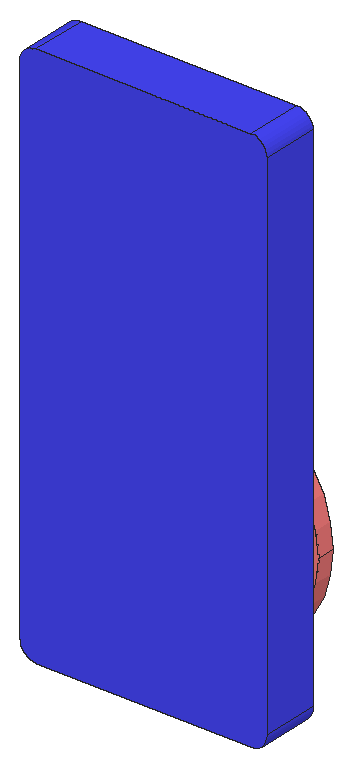
Revit family "Building-IEC309Connections-GEWISS-67IB-INTERLOCKED-SOCKET-OUTLETS_IP67_WITHOUT_BOTTOM_MOD", category Apparecchi elettrici, host Muro, Revit 2016
Family settings
  Host = Muro
  Mantenere orientamento annotazione = Sì
  Tipo di parte = Normale
  Quota connettore circolare = Usa diametro
  Numero OmniClass = 23.80.50.14
  Titolo OmniClass = Plug Connectors
  Sempre verticale = Sì
  Taglio con vuoti quando caricato = No
  Condiviso = No
  Punto di calcolo locali = No
Parameters (values of type "GW66170N - 3P+N+E32A400V V.IN.SOC.O.NB.6H MT60 IP67")
  Working temperature = "-25 ÷ +40 °C"
  With back-mounting box = "No"
  Vista di pianta [instance] = yes
  Vetro = GEWISS - vetro
  Version file RFA = "18.0"
  URL = "https://www.gewiss.com/ww/en"
  Typology = "Vertical"
  Tipo Simbolo = PRESAINDSTAGNA : 3P
  Thermo-pressure with ball = "125 °C"
  Technical sheet = "https://www.gewiss.com/ww/en/search?q=GW66170N"
  Struttura frontale = GEWISS -BLU
  Struttura = GEWISS - Grigio RAL - 7035
  Simbolo [instance] = yes
  Shock resistance = "IK08"
  SEO = "Socket outlet"
  Reference h = "6"
  Realized by GEWISS S.p.A. = ""
  Rated voltage: = "380 - 415 V"
  Rated voltage = "380 - 415 V"
  Rated frequency (Hz) = "50/60 Hz"
  Rated current (In) = "32"
  Rated current (A) = "32"
  Protection = "MCB"
  Produttore = "GEWISS S.p.A."
  Presa = GW - ROSSO
  Potenza = 400 V
  Operating temperature: = "-25 +40 °C"
  Numero poli = 3
  Number of poles = "2P+E"
  No. of poles = "3P+N+E"
  Modello = "GW66170N"
  Immagine tipo = GW66157N.jpg
  IP degree = "IP67"
  IFC.TypeObject = ""
  IFC.ExportType = ""
  IFC.ExportAs = ""
  IDT = "a7f1347e-7fe6-401d-a8af-d935eaffb75e"
  IDF = "b83f6655-9841-43d4-b5be-f67be19551fa"
  Glow wire test: = "850 °C"
  Glow Wire Test = "850 °C"
  Frequency = "50/60 Hz"
  Electrocod = "2222"
  EAN code = "8011564741133"
  Distanza orizzontale del simbolo [instance] = 0 mm
  Distanza dal muro [instance] = 20 mm
  Descrizione = "3P+N+E32A400V V.IN.SOC.O.NB.6H MT60 IP67"
  Cornice simbolo [instance] = yes
  Colour: = "Red"
  Colour = "Red"
  Classificazione carico = Altro
  Circuit breaker = "MT 6 kA C characteristic"
  Catalogue Range = "67 IB"
  Catalogue = "BUILDING"
  Carico apparente = 0 VA
  COBie.Tagnumber = ""
  COBie.CreatedOn = ""
  COBie.CreatebBy = ""
  COBie.ComponentRegisterItemID = ""
  COBie.Component.TagNumber = ""
  COBie.Component.Space = ""
  COBie.Component.SerialNumber = ""
  COBie.Component.InstallationDate = ""
  COBie.Component.Description = ""
  COBie.Component.BarCode = ""
  Altezza da terra = 1111.728 mm
Reference planes
  plane 1 "Muro": y = 0
  plane 2 "Centro (Sinistra/Destra)": x = 125
  plane 3 "Indietro": y = 75
  plane 4: z = 1111.728
  plane 5: x = 125
Lines and regions (mm)
  Masking region 1, visible <- "Vista di pianta"
    outline origin (0, -30, 0) x (1, 0, 0) y (0, 1, 0)
      loop
        line (78.101, 137.709) -> (78.101, 130.821) -> (171.899, 130.821) -> (171.899, 137.709) -> (78.101, 137.709)
      loop
        line (77.116, 126.991) -> (77.116, 105) -> (172.884, 105) -> (172.884, 126.991) -> (77.116, 126.991)
  Masking region 2, visible <- "Vista di pianta"
    outline origin (0, -30, 0) x (1, 0, 0) y (0, 1, 0)
      loop
        line (87.653, 126.991) -> (165, 126.991) -> (165, 130.821) -> (87.653, 130.821) -> (87.653, 126.991)
  Masking region 3
    outline origin (125, -30, 0) x (0, 1, 0) y (0, 0, 1)
      loop
        line (126.991, 1308.059) -> (126.991, 1246.398) -> (137.709, 1246.398) -> (137.709, 1308.059) -> (126.991, 1308.059)
      loop
        line (137.709, 1124.403) -> (137.709, 1218.2) -> (126.991, 1218.2) -> (126.991, 1124.403) -> (137.709, 1124.403)
  Masking region 4
    outline origin (125, -30, 0) x (0, 1, 0) y (0, 0, 1)
      loop
        line (126.991, 1115.344) -> (126.991, 1328.112) -> (105, 1328.112) -> (105, 1115.344) -> (126.991, 1115.344)
Text (mm)
  text "Lato posizionamento" at (-1848.837, 1116.779, 0), in view "Livello rif."
  text "Lato posizionamento" at (0, 1409.804, 2854.306), in view "Sinistra"
  text "Lato posizionamento" at (0, 499.811, 2980.732), in view "Destra"
Dimensions and locks
  locked: plane 3 "Indietro" to host wall
  "Altezza da terra": level to plane 4
  "Distanza orizzontale del simbolo": plane 5 to plane 2 "Centro (Sinistra/Destra)"
  aligned and locked: plane 1 "Muro" to host wall
  aligned and locked: nested 2 to plane 5
  aligned and locked: nested 1 to plane 2 "Centro (Sinistra/Destra)"
  aligned and locked: plane 3 "Indietro" to nested 1
  aligned and locked: nested 1 to host wall
Automatic sketch dimensions
  Masking region 1 sketch curve to plane 2 "Centro (Sinistra/Destra)" = 47.884 mm
  Masking region 1 sketch curve to Masking region 1 sketch curve = 0.986 mm  (x2)
  plane 2 "Centro (Sinistra/Destra)" to Masking region 1 sketch curve = 46.899 mm
  host wall to Masking region 1 sketch curve = 0 mm
  Masking region 1 sketch curve to Masking region 1 sketch curve = 21.991 mm
  Masking region 1 sketch curve to Masking region 1 sketch curve = 3.83 mm
  Masking region 1 sketch curve to Masking region 1 sketch curve = 6.888 mm
  plane 2 "Centro (Sinistra/Destra)" to Masking region 2 sketch curve = 40 mm
  Masking region 2 sketch curve to Masking region 2 sketch curve = 3.83 mm
  plane 4 to Masking region 3 sketch curve = 12.674 mm
  Masking region 3 sketch curve to Masking region 3 sketch curve = 10.718 mm  (x2)
  Masking region 3 sketch curve to Masking region 3 sketch curve = 93.797 mm
  Masking region 3 sketch curve to Masking region 3 sketch curve = 28.198 mm
  Masking region 3 sketch curve to Masking region 3 sketch curve = 61.662 mm
  plane 4 to Masking region 4 sketch curve = 3.616 mm
  host wall to Masking region 4 sketch curve = 0 mm
  Masking region 4 sketch curve to Masking region 4 sketch curve = 21.991 mm
  Masking region 4 sketch curve to Masking region 4 sketch curve = 212.768 mm
  Masking region 2 sketch curve to plane 2 "Centro (Sinistra/Destra)" = 37.347 mm
  host wall to Masking region 2 sketch curve = 21.991 mm
  host wall to Masking region 3 sketch curve = 21.991 mm  (x2)
Nested families
  nested 1: "IB PRESE INTERBLOC VERT_NO FONDO" at (125, 45, 524.845) x (-1, 0, 0) z (0, 0, 1), Presa <- "Presa", type "IB PRESE INTERBLOC VERT_NO FONDO"
    with Presa GW - ROSSO
  nested 2: "PRESAINDSTAGNA" at (125, -325.001, 0), Distanza dal muro <- "Distanza dal muro", BORDO ACCESO <- "Cornice simbolo", SIMBOLO ACCESO <- "Simbolo", type <- "Tipo Simbolo", type "3P"
    with SIMBOLO ACCESO yes, Distanza dal muro 20 mm, BORDO ACCESO yes
  nested 3: "2D - IB PRESE INTERBLOC VERT IP67" at (125, 0, 1111.728) x (-1, 0, 0) z (0, -1, 0), type "BIDIMENSIONALE"
Connectors
  electrical at (125, 90, 1111.728), driven by "Numero poli", driven by "Classificazione carico", driven by "Potenza", driven by "Carico apparente"
    settings: on nested 1, index 1, voltage 400 V, apparent load 0 VA, apparent load phase1 0 VA, apparent load phase2 0 VA, apparent load phase3 0 VA, power factor 1, load classification "Altro", number of poles 3, system type 31, power factor state 1, is connector primary yes, connector utility no, sub classification motor no, connector description ""
Definition of nested family "IB PRESE INTERBLOC VERT_NO FONDO"
  Parameters (values of type "IB PRESE INTERBLOC VERT_NO FONDO")
    Vetro = none
    Struttura frontale = none
    Struttura = none
    Spessore = 30 mm
    Default Elevation = 14 mm
    Presa [instance] = none
    Lunghezza = 103 mm
    IFC.TypeObject = ""
    IFC.ExportType = ""
    IFC.ExportAs = ""
    H_da terra = 586.883 mm
    COBie.CreatedOn = ""
    COBie.CreatebBy = ""
    COBie.ComponentRegisterItemID = ""
    COBie.Component.TagNumber = ""
    COBie.Component.Space = ""
    COBie.Component.SerialNumber = ""
    COBie.Component.InstallationDate = ""
    COBie.Component.Description = ""
    COBie.Component.BarCode = ""
    Altezza = 220 mm
  Reference planes
    plane 1 "Centro (Fronte/Retro)": y = 0
    plane 2: z = 0
    plane 3 "Centro (Sinistra/Destra)": x = 0
    plane 4: y = -30
    plane 5: x = -51.5
    plane 6: x = 51.5
    plane 7: z = 586.883
    plane 8: z = 806.883
    plane 9: x = -47.884
    plane 10: x = 47.884
    plane 11: z = 803.267
    plane 12: z = 590.499
    plane 13: y = -32
    plane 14: y = -42.675
  Forms (mm)
    Extrusion 1, solid, material <- "Struttura"
      sketch origin (0, 0, 0) x (1, 0, 0) y (0, 0, 1)
        loop
          line (-0.408, 691.748) -> (-29.506, 691.748)
          spline (-29.506, 691.748) -> (-30.55, 691.681) -> (-31.576, 691.48) -> (-32.567, 691.148) -> (-33.505, 690.693) -> (-34.375, 690.12) -> (-35.161, 689.441) -> (-35.851, 688.666) -> (-36.432, 687.809) -> (-36.895, 686.885) -> (-37.231, 685.909) -> (-37.435, 684.898) -> (-37.503, 683.87)
          line (-37.503, 683.87) -> (-37.503, 615.12)
          spline (-37.503, 615.12) -> (-37.435, 614.091) -> (-37.231, 613.081) -> (-36.895, 612.105) -> (-36.432, 611.18) -> (-35.851, 610.324) -> (-35.161, 609.549) -> (-34.375, 608.869) -> (-33.505, 608.297) -> (-32.567, 607.841) -> (-31.576, 607.51) -> (-30.55, 607.309) -> (-29.506, 607.241)
          line (-29.506, 607.241) -> (0, 607.241) -> (29.506, 607.241)
          spline (29.506, 607.241) -> (30.55, 607.309) -> (31.576, 607.51) -> (32.567, 607.841) -> (33.505, 608.297) -> (34.375, 608.869) -> (35.161, 609.549) -> (35.851, 610.324) -> (36.432, 611.18) -> (36.895, 612.105) -> (37.231, 613.081) -> (37.435, 614.091) -> (37.503, 615.12)
          line (37.503, 615.12) -> (37.503, 683.87)
          spline (37.503, 683.87) -> (37.435, 684.898) -> (37.231, 685.909) -> (36.895, 686.885) -> (36.432, 687.809) -> (35.851, 688.666) -> (35.161, 689.441) -> (34.375, 690.12) -> (33.505, 690.693) -> (32.567, 691.148) -> (31.576, 691.48) -> (30.55, 691.681) -> (29.506, 691.748)
          line (29.506, 691.748) -> (-0.408, 691.748)
      from 51.991 to 55.821
    Extrusion 2, solid, material <- "Presa"
      sketch origin (0, 0, 0) x (1, 0, 0) y (0, 0, 1)
        loop
          circle (0, 646.456) r 46.899
      from 55.821 to 62.709
    Extrusion 3, solid, material <- "Struttura"
      sketch origin (0, 0, 0) x (1, 0, 0) y (0, 0, 1)
        loop
          circle (0, 752.384) r 30.831
        loop
          circle (0, 752.384) r 26.483
      from 51.991 to 62.709
    Extrusion 4, solid, material <- "Struttura"
      sketch origin (0, 0, 0) x (1, 0, 0) y (0, 0, 1)
        loop
          arc (-9.552, 750.899) -> (-7.429, 739.645) -> (-7.314, 728.193) r 64.983
          arc (-7.314, 728.193) -> (-0.131, 727.067) -> (7.064, 728.115) r 24.316
          arc (7.064, 728.115) -> (7.302, 739.566) -> (9.547, 750.796) r 64.983
          arc (9.547, 750.796) -> (5.519, 762.425) -> (4.215, 774.661) r 54.251
          line (4.215, 774.661) -> (4.25, 777.658)
          arc (4.25, 777.658) -> (3.985, 778.329) -> (3.336, 778.647) r 1
          arc (3.336, 778.647) -> (0.147, 778.794) -> (-3.043, 778.682) r 39.364
          arc (-3.043, 778.682) -> (-3.695, 778.371) -> (-3.967, 777.702) r 1
          line (-3.967, 777.702) -> (-3.964, 774.706)
          arc (-3.964, 774.706) -> (-5.4, 762.483) -> (-9.552, 750.899) r 54.251
      from 51.991 to 62.709
    Extrusion 5, solid, material <- "Struttura frontale"
      sketch origin (0, 0, 0) x (1, 0, 0) y (0, 0, 1)
        loop
          arc (47.884, 796.962) -> (46.037, 801.42) -> (41.578, 803.267) r 6.306
          line (41.578, 803.267) -> (-41.578, 803.267)
          arc (-41.578, 803.267) -> (-46.037, 801.42) -> (-47.884, 796.962) r 6.306
          line (-47.884, 796.962) -> (-47.884, 597.014)
          arc (-47.884, 597.014) -> (-45.976, 592.407) -> (-41.369, 590.499) r 6.515
          line (-41.369, 590.499) -> (41.369, 590.499)
          arc (41.369, 590.499) -> (45.976, 592.407) -> (47.884, 597.014) r 6.515
          line (47.884, 597.014) -> (47.884, 796.962)
      from 30 to 51.991
  Dimensions and locks
    "H_da terra": plane 7 to level
    "Altezza": plane 8 to plane 7
    equal spacing: plane 5, plane 3 "Centro (Sinistra/Destra)", plane 6
    "Lunghezza": plane 5 to plane 6
    locked: plane 8 to plane 11 at 3.616
    locked: plane 12 to plane 7 at 3.616
    locked: plane 5 to plane 9 at 3.616
    locked: plane 6 to plane 10 at 3.616
    "Spessore": plane 4 to plane 1 "Centro (Fronte/Retro)"
    locked: plane 13 to plane 4 at 2
    plane 14 to plane 4 = 12.675 mm
    locked: Extrusion 5 to plane 14 at 9.315
    aligned and locked: level to plane 2
    aligned and locked: Extrusion 5 sketch curve to plane 10
    aligned and locked: Extrusion 5 sketch curve to plane 9
    aligned and locked: Extrusion 5 sketch curve to plane 12
    aligned and locked: Extrusion 5 sketch curve to plane 11
    aligned and locked: plane 4 to Extrusion 5
    aligned and locked: Extrusion 3 to Extrusion 5
    aligned and locked: Extrusion 3 to Extrusion 4  (x2)
    aligned and locked: Extrusion 3 to Extrusion 2
    aligned and locked: Extrusion 2 to Extrusion 1
  Automatic sketch dimensions
    Extrusion 1 sketch curve to plane 9 = 10.381 mm
    Extrusion 1 sketch curve to Extrusion 1 sketch curve = 7.997 mm  (x3)
    Extrusion 1 sketch curve to plane 10 = 18.378 mm  (x2)
    Extrusion 1 sketch curve to plane 12 = 16.742 mm
    Extrusion 1 sketch curve to Extrusion 1 sketch curve = 7.878 mm  (x3)
    Extrusion 1 sketch curve to Extrusion 1 sketch curve = 68.75 mm
    Extrusion 1 sketch curve to Extrusion 1 sketch curve = 0 mm
    Extrusion 1 sketch curve to Extrusion 1 sketch curve = 21.102 mm
    Extrusion 1 sketch curve to Extrusion 1 sketch curve = 21.51 mm
    Extrusion 2 sketch curve to plane 3 "Centro (Sinistra/Destra)" = 0 mm
    Extrusion 2 sketch curve to plane 12 = 55.957 mm
    Extrusion 3 sketch curve to Extrusion 3 sketch curve = 0 mm  (x2)
    Extrusion 3 sketch curve to plane 3 "Centro (Sinistra/Destra)" = 0 mm
    Extrusion 3 sketch curve to plane 11 = 50.884 mm
    plane 5 to Extrusion 4 sketch curve = 6.715 mm
    Extrusion 4 sketch curve to plane 3 "Centro (Sinistra/Destra)" = 3.967 mm
    Extrusion 4 sketch curve to Extrusion 4 sketch curve = 0.003 mm
    Extrusion 4 sketch curve to Extrusion 4 sketch curve = 1 mm  (x2)
    Extrusion 4 sketch curve to plane 3 "Centro (Sinistra/Destra)" = 0.064 mm
    plane 3 "Centro (Sinistra/Destra)" to Extrusion 4 sketch curve = 3.25 mm
    Extrusion 4 sketch curve to Extrusion 4 sketch curve = 0.965 mm
    plane 6 to Extrusion 4 sketch curve = 6.965 mm
    Extrusion 4 sketch curve to plane 11 = 29.014 mm
    Extrusion 4 sketch curve to plane 11 = 28.606 mm
    Extrusion 4 sketch curve to plane 11 = 28.387 mm
    Extrusion 4 sketch curve to Extrusion 4 sketch curve = 0.044 mm
    Extrusion 4 sketch curve to Extrusion 4 sketch curve = 2.99 mm
    Extrusion 4 sketch curve to Extrusion 4 sketch curve = 0.007 mm
    Extrusion 4 sketch curve to Extrusion 4 sketch curve = 2.979 mm
    Extrusion 4 sketch curve to Extrusion 4 sketch curve = 0.018 mm
    Extrusion 4 sketch curve to plane 3 "Centro (Sinistra/Destra)" = 9.552 mm
    Extrusion 4 sketch curve to Extrusion 4 sketch curve = 0.076 mm
    plane 3 "Centro (Sinistra/Destra)" to Extrusion 4 sketch curve = 9.547 mm
    Extrusion 4 sketch curve to plane 3 "Centro (Sinistra/Destra)" = 0 mm
    plane 5 to Extrusion 4 sketch curve = 20.598 mm
    plane 6 to Extrusion 4 sketch curve = 20.4 mm
    Extrusion 4 sketch curve to Extrusion 4 sketch curve = 0.587 mm
    Extrusion 4 sketch curve to plane 3 "Centro (Sinistra/Destra)" = 7.314 mm
    plane 3 "Centro (Sinistra/Destra)" to Extrusion 4 sketch curve = 7.064 mm
    Extrusion 4 sketch curve to Extrusion 4 sketch curve = 11.238 mm
    Extrusion 4 sketch curve to Extrusion 4 sketch curve = 11.315 mm
    Extrusion 5 sketch curve to plane 9 = 6.306 mm
    Extrusion 5 sketch curve to plane 9 = 6.515 mm
    Extrusion 5 sketch curve to Extrusion 5 sketch curve = 6.515 mm
    Extrusion 5 sketch curve to Extrusion 5 sketch curve = 6.306 mm
    radius of Extrusion 2 sketch curve = 46.899 mm
    radius of Extrusion 3 sketch curve = 30.831 mm
    radius of Extrusion 3 sketch curve = 26.483 mm
Definition of nested family "PRESAINDSTAGNA"
  Parameters (values of type "3P")
    SIMBOLO ACCESO [instance] = yes
    SIMBOLO = PRESAINDSTAGNA_BASE : 3P
    Distanza dal muro [instance] = 0 mm
    BORDO ACCESO [instance] = yes
  Types (2): name
    2P
    3P
  Reference planes
    plane 1: y = 0
    plane 2: x = 0
  Dimensions and locks
    "Distanza dal muro": plane 1 to nested 1
    aligned and locked: plane 2 to nested 1
  Nested families
    nested 1: "PRESAINDSTAGNA_BASE" at (0, 0, 0), type <- "SIMBOLO", CORNICE SIMBOLO <- "BORDO ACCESO", visible <- "SIMBOLO ACCESO", type "3P"
  Definition of nested family "PRESAINDSTAGNA_BASE"
    Parameters (values of type "3P")
      CORNICE SIMBOLO [instance] = yes
      3P = yes
    Types (2, lengths in mm): name | 3P
      3P | yes
      2P | no
    Reference planes
      plane 1: y = 0
      plane 2: x = 0
    Lines and regions (mm)
      detail lines, not visible
        curve 1: line (-2.443, 10.208, 0) -> (2.057, 10.208, 0)
        curve 2: line (2.057, 10.208, 0) -> (2.057, 4.208, 0)
        curve 3: line (2.057, 4.208, 0) -> (-2.443, 4.208, 0)
        curve 4: line (-2.443, 4.208, 0) -> (-2.443, 10.208, 0)
        curve 5: line (-2.043, 9.808, 0) -> (1.657, 9.808, 0)
        curve 6: line (1.657, 9.808, 0) -> (1.657, 4.608, 0)
        curve 7: line (1.657, 4.608, 0) -> (-2.043, 4.608, 0)
        curve 8: line (-2.043, 4.608, 0) -> (-2.043, 9.808, 0)
      detail lines
        curve 9: line (-0.333, 0.928, 0) -> (-0.05, 0.928, 0)
        curve 10: line (-0.05, 0.928, 0) -> (0.417, 1.737, 0)
        curve 11: line (0.417, 1.737, 0) -> (0.764, 1.537, 0)
        curve 12: line (-0.05, 0.928, 0) -> (-0.333, 0.437, 0)
        curve 13: line (-0.333, 0.437, 0) -> (-0.333, 2.059, 0)
        curve 14: line (0.222, 1.399, 0) -> (0.569, 1.199, 0)
        curve 15: line (-0.723, 0.437, 0) -> (0.057, 0.437, 0)
        curve 16: line (-0.333, 0.81, 0) -> (-0.216, 0.928, 0)
        curve 17: line (-0.333, 0.741, 0) -> (-0.147, 0.928, 0)
        curve 18: line (-0.333, 0.672, 0) -> (-0.078, 0.928, 0)
        curve 19: line (-0.333, 0.603, 0) -> (-0.106, 0.831, 0)
        curve 20: line (-0.333, 0.534, 0) -> (-0.2, 0.668, 0)
        curve 22: arc (-0.723, 0.047, 0) -> (-0.333, 0.437, 0) -> (0.057, 0.047, 0) r 0.39
        curve 23: line (-0.8, 2.1, 0) -> (0.8, 2.1, 0)
        curve 24: line (-0.8, 0, 0) -> (-0.8, 2.1, 0)
        curve 25: line (0.8, 0, 0) -> (-0.8, 0, 0)
        curve 26: line (0.8, 2.1, 0) -> (0.8, 0, 0)
      detail lines, visible <- "3P"
        curve 21: line (0.028, 1.061, 0) -> (0.374, 0.861, 0)
Definition of nested family "2D - IB PRESE INTERBLOC VERT IP67"
  Reference planes
    plane 1 "Centro (Fronte/Retro)": y = 0
    plane 2: z = 0
    plane 3 "Centro (Sinistra/Destra)": x = 0
  Lines and regions (mm)
    model lines, in view "Livello rif."
      curve 1: line (-11.527, 59.778, 0) -> (11.757, 59.778, 0)
      curve 2: arc (16.5, 109.807, 0) -> (16.207, 110.514, 0) -> (15.5, 110.807, 0) r 1
      curve 3: arc (-15.5, 110.807, 0) -> (-16.207, 110.514, 0) -> (-16.5, 109.807, 0) r 1
      curve 4: spline (29.5, 21.126, 0) -> (30.544, 21.194, 0) -> (31.57, 21.395, 0) -> (32.56, 21.728, 0) -> (33.499, 22.185, 0) -> (34.369, 22.759, 0) -> (35.155, 23.441, 0) -> (35.845, 24.218, 0) -> (36.427, 25.078, 0) -> (36.89, 26.005, 0) -> (37.226, 26.984, 0) -> (37.431, 27.998, 0) -> (37.5, 29.03, 0)
      curve 5: spline (-37.5, 29.025, 0) -> (-37.43, 27.994, 0) -> (-37.225, 26.98, 0) -> (-36.888, 26.002, 0) -> (-36.425, 25.075, 0) -> (-35.843, 24.216, 0) -> (-35.154, 23.439, 0) -> (-34.367, 22.758, 0) -> (-33.497, 22.184, 0) -> (-32.559, 21.727, 0) -> (-31.569, 21.395, 0) -> (-30.543, 21.194, 0) -> (-29.5, 21.126, 0)
      curve 6: spline (-34.559, 79.268, 0) -> (-34.539, 79.119, 0) -> (-34.479, 78.943, 0) -> (-34.38, 78.742, 0) -> (-34.243, 78.521, 0) -> (-34.072, 78.282, 0) -> (-33.869, 78.031, 0) -> (-33.637, 77.771, 0) -> (-33.381, 77.506, 0) -> (-33.104, 77.242, 0) -> (-32.812, 76.983, 0) -> (-32.51, 76.733, 0) -> (-32.202, 76.496, 0)
      curve 7: spline (-26.332, 86.8, 0) -> (-26.317, 86.647, 0) -> (-26.271, 86.458, 0) -> (-26.196, 86.236, 0) -> (-26.092, 85.985, 0) -> (-25.961, 85.709, 0) -> (-25.807, 85.413, 0) -> (-25.63, 85.103, 0) -> (-25.435, 84.782, 0) -> (-25.224, 84.458, 0) -> (-25.002, 84.135, 0) -> (-24.771, 83.819, 0) -> (-24.537, 83.516, 0)
      curve 8: spline (-43.546, 59.6, 0) -> (-43.52, 59.463, 0) -> (-43.444, 59.321, 0) -> (-43.319, 59.177, 0) -> (-43.147, 59.033, 0) -> (-42.931, 58.892, 0) -> (-42.675, 58.757, 0) -> (-42.383, 58.629, 0) -> (-42.06, 58.51, 0) -> (-41.712, 58.404, 0) -> (-41.345, 58.311, 0) -> (-40.964, 58.233, 0) -> (-40.577, 58.171, 0)
      curve 9: spline (-40.43, 69.99, 0) -> (-40.406, 69.847, 0) -> (-40.336, 69.687, 0) -> (-40.22, 69.513, 0) -> (-40.061, 69.328, 0) -> (-39.86, 69.136, 0) -> (-39.622, 68.939, 0) -> (-39.351, 68.741, 0) -> (-39.052, 68.545, 0) -> (-38.728, 68.355, 0) -> (-38.387, 68.175, 0) -> (-38.033, 68.006, 0) -> (-37.673, 67.852, 0)
      curve 10: spline (-40.846, 38.237, 0) -> (-40.787, 38.136, 0) -> (-40.688, 38.054, 0) -> (-40.551, 37.992, 0) -> (-40.377, 37.951, 0) -> (-40.17, 37.93, 0) -> (-39.932, 37.931, 0) -> (-39.667, 37.954, 0) -> (-39.378, 37.998, 0) -> (-39.07, 38.062, 0) -> (-38.748, 38.146, 0) -> (-38.416, 38.248, 0) -> (-38.079, 38.367, 0)
      curve 11: spline (-43.691, 48.765, 0) -> (-43.651, 48.64, 0) -> (-43.563, 48.522, 0) -> (-43.429, 48.415, 0) -> (-43.251, 48.32, 0) -> (-43.032, 48.238, 0) -> (-42.776, 48.17, 0) -> (-42.486, 48.118, 0) -> (-42.168, 48.083, 0) -> (-41.826, 48.065, 0) -> (-41.465, 48.064, 0) -> (-41.093, 48.081, 0) -> (-40.715, 48.114, 0)
      curve 12: spline (-34.579, 28.988, 0) -> (-34.529, 28.939, 0) -> (-34.457, 28.908, 0) -> (-34.364, 28.897, 0) -> (-34.251, 28.904, 0) -> (-34.119, 28.931, 0) -> (-33.971, 28.976, 0) -> (-33.807, 29.04, 0) -> (-33.631, 29.12, 0) -> (-33.444, 29.217, 0) -> (-33.25, 29.329, 0) -> (-33.05, 29.455, 0) -> (-32.847, 29.592, 0)
      curve 13: spline (-17.008, 15.964, 0) -> (-16.976, 15.958, 0) -> (-16.936, 15.975, 0) -> (-16.887, 16.015, 0) -> (-16.83, 16.077, 0) -> (-16.765, 16.161, 0) -> (-16.694, 16.266, 0) -> (-16.617, 16.39, 0) -> (-16.536, 16.532, 0) -> (-16.45, 16.691, 0) -> (-16.361, 16.865, 0) -> (-16.27, 17.051, 0) -> (-16.178, 17.248, 0)
      curve 14: spline (15.2, 16.867, 0) -> (15.282, 16.677, 0) -> (15.364, 16.495, 0) -> (15.444, 16.326, 0) -> (15.522, 16.17, 0) -> (15.596, 16.029, 0) -> (15.666, 15.904, 0) -> (15.732, 15.797, 0) -> (15.792, 15.708, 0) -> (15.846, 15.64, 0) -> (15.893, 15.591, 0) -> (15.933, 15.564, 0) -> (15.965, 15.558, 0)
      curve 15: spline (34.501, 27.901, 0) -> (34.51, 27.913, 0) -> (34.519, 27.925, 0) -> (34.526, 27.938, 0) -> (34.533, 27.952, 0) -> (34.539, 27.966, 0) -> (34.544, 27.981, 0) -> (34.549, 27.997, 0) -> (34.552, 28.013, 0) -> (34.555, 28.03, 0) -> (34.557, 28.047, 0) -> (34.558, 28.065, 0) -> (34.559, 28.084, 0)
      curve 16: spline (32.202, 28.803, 0) -> (32.467, 28.613, 0) -> (32.728, 28.439, 0) -> (32.982, 28.283, 0) -> (33.227, 28.146, 0) -> (33.458, 28.03, 0) -> (33.674, 27.938, 0) -> (33.871, 27.869, 0) -> (34.047, 27.824, 0) -> (34.2, 27.805, 0) -> (34.328, 27.812, 0) -> (34.428, 27.844, 0) -> (34.501, 27.901, 0)
      curve 17: spline (24.537, 21.783, 0) -> (24.725, 21.552, 0) -> (24.912, 21.335, 0) -> (25.094, 21.133, 0) -> (25.27, 20.951, 0) -> (25.438, 20.789, 0) -> (25.596, 20.649, 0) -> (25.742, 20.533, 0) -> (25.875, 20.442, 0) -> (25.993, 20.377, 0) -> (26.095, 20.339, 0) -> (26.18, 20.329, 0) -> (26.247, 20.346, 0)
      curve 18: spline (32.202, 28.803, 0) -> (32.392, 28.667, 0) -> (32.58, 28.541, 0) -> (32.763, 28.428, 0) -> (32.939, 28.329, 0) -> (33.107, 28.244, 0) -> (33.263, 28.176, 0) -> (33.407, 28.124, 0) -> (33.536, 28.089, 0) -> (33.648, 28.072, 0) -> (33.744, 28.074, 0) -> (33.82, 28.093, 0) -> (33.877, 28.13, 0)
      curve 19: spline (37.673, 37.447, 0) -> (37.996, 37.324, 0) -> (38.314, 37.217, 0) -> (38.624, 37.127, 0) -> (38.92, 37.055, 0) -> (39.2, 37.003, 0) -> (39.458, 36.971, 0) -> (39.692, 36.96, 0) -> (39.898, 36.97, 0) -> (40.073, 37, 0) -> (40.215, 37.051, 0) -> (40.323, 37.121, 0) -> (40.394, 37.21, 0)
      curve 20: spline (40.577, 47.128, 0) -> (40.951, 47.085, 0) -> (41.32, 47.059, 0) -> (41.677, 47.051, 0) -> (42.016, 47.061, 0) -> (42.333, 47.087, 0) -> (42.621, 47.131, 0) -> (42.876, 47.192, 0) -> (43.095, 47.268, 0) -> (43.273, 47.357, 0) -> (43.409, 47.46, 0) -> (43.498, 47.574, 0) -> (43.542, 47.697, 0)
      curve 21: spline (38.079, 66.932, 0) -> (38.442, 67.078, 0) -> (38.8, 67.238, 0) -> (39.145, 67.41, 0) -> (39.472, 67.592, 0) -> (39.775, 67.781, 0) -> (40.049, 67.972, 0) -> (40.289, 68.163, 0) -> (40.491, 68.35, 0) -> (40.653, 68.531, 0) -> (40.77, 68.702, 0) -> (40.841, 68.861, 0) -> (40.865, 69.003, 0)
      curve 22: spline (40.715, 57.185, 0) -> (41.104, 57.237, 0) -> (41.486, 57.305, 0) -> (41.855, 57.39, 0) -> (42.205, 57.488, 0) -> (42.529, 57.599, 0) -> (42.822, 57.72, 0) -> (43.078, 57.849, 0) -> (43.295, 57.985, 0) -> (43.467, 58.125, 0) -> (43.593, 58.266, 0) -> (43.669, 58.406, 0) -> (43.694, 58.542, 0)
      curve 23: spline (25.377, 82.91, 0) -> (25.62, 83.208, 0) -> (25.858, 83.518, 0) -> (26.088, 83.835, 0) -> (26.306, 84.154, 0) -> (26.508, 84.47, 0) -> (26.69, 84.776, 0) -> (26.85, 85.068, 0) -> (26.985, 85.34, 0) -> (27.093, 85.589, 0) -> (27.171, 85.809, 0) -> (27.218, 85.997, 0) -> (27.234, 86.15, 0)
      curve 24: spline (5.876, 90.779, 0) -> (5.932, 91.152, 0) -> (5.987, 91.536, 0) -> (6.041, 91.925, 0) -> (6.091, 92.312, 0) -> (6.138, 92.69, 0) -> (6.18, 93.052, 0) -> (6.217, 93.394, 0) -> (6.248, 93.708, 0) -> (6.273, 93.99, 0) -> (6.291, 94.235, 0) -> (6.302, 94.437, 0) -> (6.306, 94.595, 0)
      curve 25: spline (-16.312, 92.076, 0) -> (-16.302, 91.919, 0) -> (-16.274, 91.721, 0) -> (-16.227, 91.484, 0) -> (-16.163, 91.212, 0) -> (-16.082, 90.91, 0) -> (-15.986, 90.583, 0) -> (-15.877, 90.237, 0) -> (-15.756, 89.878, 0) -> (-15.625, 89.512, 0) -> (-15.487, 89.144, 0) -> (-15.345, 88.782, 0) -> (-15.2, 88.432, 0)
      curve 26: spline (-27.175, 21.015, 0) -> (-27.113, 20.981, 0) -> (-27.03, 20.977, 0) -> (-26.928, 21.002, 0) -> (-26.807, 21.056, 0) -> (-26.668, 21.138, 0) -> (-26.514, 21.248, 0) -> (-26.346, 21.384, 0) -> (-26.167, 21.545, 0) -> (-25.978, 21.728, 0) -> (-25.782, 21.931, 0) -> (-25.581, 22.153, 0) -> (-25.377, 22.389, 0)
      curve 27: spline (-6.283, 12.574, 0) -> (-6.267, 12.583, 0) -> (-6.246, 12.623, 0) -> (-6.221, 12.694, 0) -> (-6.193, 12.797, 0) -> (-6.161, 12.928, 0) -> (-6.126, 13.088, 0) -> (-6.089, 13.274, 0) -> (-6.049, 13.484, 0) -> (-6.008, 13.716, 0) -> (-5.965, 13.968, 0) -> (-5.921, 14.237, 0) -> (-5.876, 14.52, 0)
      curve 28: spline (15.2, 16.867, 0) -> (15.315, 16.602, 0) -> (15.429, 16.35, 0) -> (15.54, 16.115, 0) -> (15.648, 15.899, 0) -> (15.751, 15.704, 0) -> (15.848, 15.533, 0) -> (15.938, 15.388, 0) -> (16.02, 15.269, 0) -> (16.093, 15.179, 0) -> (16.157, 15.117, 0) -> (16.211, 15.086, 0) -> (16.253, 15.084, 0)
      curve 29: spline (16.253, 15.084, 0) -> (16.262, 15.089, 0) -> (16.271, 15.096, 0) -> (16.279, 15.105, 0) -> (16.286, 15.116, 0) -> (16.292, 15.128, 0) -> (16.297, 15.143, 0) -> (16.301, 15.16, 0) -> (16.305, 15.179, 0) -> (16.308, 15.2, 0) -> (16.31, 15.223, 0) -> (16.311, 15.248, 0) -> (16.312, 15.275, 0)
      curve 30: spline (27.234, 89.228, 0) -> (26.474, 89.779, 0) -> (25.701, 90.314, 0) -> (24.916, 90.833, 0) -> (24.118, 91.335, 0) -> (23.31, 91.821, 0) -> (22.49, 92.291, 0) -> (21.66, 92.743, 0) -> (20.819, 93.179, 0) -> (19.969, 93.597, 0) -> (19.109, 93.998, 0) -> (18.24, 94.38, 0) -> (17.362, 94.745, 0)
      curve 31: spline (40.865, 72.082, 0) -> (40.499, 72.916, 0) -> (40.114, 73.742, 0) -> (39.71, 74.56, 0) -> (39.288, 75.37, 0) -> (38.846, 76.171, 0) -> (38.386, 76.963, 0) -> (37.908, 77.745, 0) -> (37.411, 78.517, 0) -> (36.897, 79.279, 0) -> (36.366, 80.03, 0) -> (35.817, 80.77, 0) -> (35.251, 81.498, 0)
      curve 32: spline (43.546, 50.828, 0) -> (43.618, 51.319, 0) -> (43.684, 51.81, 0) -> (43.744, 52.303, 0) -> (43.798, 52.796, 0) -> (43.845, 53.289, 0) -> (43.886, 53.783, 0) -> (43.921, 54.278, 0) -> (43.949, 54.772, 0) -> (43.972, 55.267, 0) -> (43.987, 55.763, 0) -> (43.997, 56.258, 0) -> (44, 56.754, 0)
      curve 33: spline (44, 56.752, 0) -> (43.998, 57.159, 0) -> (43.992, 57.565, 0) -> (43.981, 57.972, 0) -> (43.966, 58.378, 0) -> (43.947, 58.785, 0) -> (43.924, 59.191, 0) -> (43.896, 59.596, 0) -> (43.864, 60.002, 0) -> (43.828, 60.407, 0) -> (43.788, 60.812, 0) -> (43.743, 61.217, 0) -> (43.694, 61.621, 0)
      curve 34: spline (44, 58.464, 0) -> (43.978, 59.772, 0) -> (43.912, 61.079, 0) -> (43.802, 62.384, 0) -> (43.648, 63.684, 0) -> (43.45, 64.979, 0) -> (43.209, 66.268, 0) -> (42.925, 67.549, 0) -> (42.597, 68.821, 0) -> (42.227, 70.082, 0) -> (41.815, 71.332, 0) -> (41.36, 72.569, 0) -> (40.865, 73.792, 0)
      curve 35: spline (40.865, 73.792, 0) -> (38.386, 78.673, 0) -> (35.251, 83.208, 0) -> (31.512, 87.32, 0) -> (27.234, 90.938, 0) -> (22.49, 94.001, 0) -> (17.362, 96.455, 0) -> (11.936, 98.26, 0) -> (6.306, 99.383, 0) -> (0.568, 99.807, 0) -> (-5.179, 99.523, 0) -> (-10.838, 98.536, 0) -> (-16.312, 96.864, 0)
      curve 36: spline (6.306, 97.673, 0) -> (5.355, 97.793, 0) -> (4.401, 97.893, 0) -> (3.445, 97.973, 0) -> (2.487, 98.034, 0) -> (1.528, 98.075, 0) -> (0.568, 98.097, 0) -> (-0.392, 98.099, 0) -> (-1.351, 98.081, 0) -> (-2.31, 98.043, 0) -> (-3.268, 97.986, 0) -> (-4.225, 97.909, 0) -> (-5.179, 97.813, 0)
      curve 37: spline (-16.312, 96.864, 0) -> (-20.281, 95.156, 0) -> (-24.05, 93.087, 0) -> (-27.583, 90.678, 0) -> (-30.844, 87.951, 0) -> (-33.801, 84.934, 0) -> (-36.426, 81.656, 0) -> (-38.692, 78.15, 0) -> (-40.578, 74.451, 0) -> (-42.064, 70.594, 0) -> (-43.136, 66.617, 0) -> (-43.783, 62.561, 0) -> (-44, 58.464, 0)
      curve 38: spline (-43.546, 62.679, 0) -> (-43.618, 62.189, 0) -> (-43.684, 61.697, 0) -> (-43.744, 61.205, 0) -> (-43.798, 60.712, 0) -> (-43.845, 60.218, 0) -> (-43.886, 59.724, 0) -> (-43.921, 59.23, 0) -> (-43.949, 58.735, 0) -> (-43.972, 58.24, 0) -> (-43.987, 57.745, 0) -> (-43.997, 57.249, 0) -> (-44, 56.754, 0)
      curve 39: spline (-44, 56.754, 0) -> (-43.998, 56.347, 0) -> (-43.991, 55.941, 0) -> (-43.981, 55.534, 0) -> (-43.966, 55.128, 0) -> (-43.947, 54.722, 0) -> (-43.923, 54.316, 0) -> (-43.896, 53.91, 0) -> (-43.864, 53.505, 0) -> (-43.828, 53.1, 0) -> (-43.787, 52.695, 0) -> (-43.743, 52.291, 0) -> (-43.694, 51.887, 0)
      curve 40: spline (-34.559, 82.345, 0) -> (-35.145, 81.631, 0) -> (-35.714, 80.904, 0) -> (-36.266, 80.167, 0) -> (-36.801, 79.418, 0) -> (-37.318, 78.658, 0) -> (-37.818, 77.888, 0) -> (-38.299, 77.107, 0) -> (-38.763, 76.317, 0) -> (-39.208, 75.518, 0) -> (-39.634, 74.71, 0) -> (-40.041, 73.893, 0) -> (-40.43, 73.068, 0)
      curve 41: spline (-16.312, 95.154, 0) -> (-17.199, 94.811, 0) -> (-18.079, 94.449, 0) -> (-18.949, 94.069, 0) -> (-19.811, 93.672, 0) -> (-20.664, 93.257, 0) -> (-21.506, 92.825, 0) -> (-22.338, 92.375, 0) -> (-23.16, 91.909, 0) -> (-23.971, 91.426, 0) -> (-24.77, 90.926, 0) -> (-25.557, 90.41, 0) -> (-26.332, 89.878, 0)
      curve 42: spline (4.826, 14.39, 0) -> (4.862, 14.114, 0) -> (4.897, 13.851, 0) -> (4.931, 13.604, 0) -> (4.964, 13.375, 0) -> (4.996, 13.167, 0) -> (5.027, 12.982, 0) -> (5.055, 12.821, 0) -> (5.081, 12.687, 0) -> (5.104, 12.58, 0) -> (5.124, 12.502, 0) -> (5.142, 12.453, 0) -> (5.156, 12.435, 0)
      curve 43: spline (-17.362, 15.684, 0) -> (-17.361, 15.657, 0) -> (-17.36, 15.632, 0) -> (-17.358, 15.61, 0) -> (-17.355, 15.589, 0) -> (-17.351, 15.57, 0) -> (-17.346, 15.553, 0) -> (-17.341, 15.538, 0) -> (-17.334, 15.525, 0) -> (-17.327, 15.513, 0) -> (-17.319, 15.504, 0) -> (-17.31, 15.497, 0) -> (-17.301, 15.492, 0)
      curve 44: spline (-17.301, 15.492, 0) -> (-17.255, 15.491, 0) -> (-17.199, 15.521, 0) -> (-17.131, 15.58, 0) -> (-17.053, 15.668, 0) -> (-16.966, 15.785, 0) -> (-16.87, 15.928, 0) -> (-16.766, 16.097, 0) -> (-16.656, 16.289, 0) -> (-16.541, 16.503, 0) -> (-16.422, 16.735, 0) -> (-16.301, 16.985, 0) -> (-16.178, 17.248, 0)
      curve 45: spline (-35.251, 28.933, 0) -> (-35.25, 28.915, 0) -> (-35.249, 28.897, 0) -> (-35.247, 28.88, 0) -> (-35.245, 28.863, 0) -> (-35.241, 28.847, 0) -> (-35.237, 28.832, 0) -> (-35.232, 28.817, 0) -> (-35.226, 28.802, 0) -> (-35.22, 28.789, 0) -> (-35.212, 28.776, 0) -> (-35.204, 28.763, 0) -> (-35.195, 28.751, 0)
      curve 46: spline (-35.196, 28.751, 0) -> (-35.123, 28.691, 0) -> (-35.021, 28.655, 0) -> (-34.892, 28.644, 0) -> (-34.736, 28.658, 0) -> (-34.556, 28.697, 0) -> (-34.355, 28.761, 0) -> (-34.134, 28.848, 0) -> (-33.897, 28.958, 0) -> (-33.647, 29.089, 0) -> (-33.386, 29.24, 0) -> (-33.118, 29.408, 0) -> (-32.847, 29.592, 0)
      curve 47: spline (-5.179, 94.737, 0) -> (-5.176, 94.58, 0) -> (-5.167, 94.377, 0) -> (-5.153, 94.133, 0) -> (-5.132, 93.851, 0) -> (-5.107, 93.535, 0) -> (-5.076, 93.193, 0) -> (-5.041, 92.828, 0) -> (-5.003, 92.449, 0) -> (-4.962, 92.06, 0) -> (-4.918, 91.67, 0) -> (-4.872, 91.284, 0) -> (-4.826, 90.909, 0)
      curve 48: spline (16.178, 88.051, 0) -> (16.332, 88.397, 0) -> (16.484, 88.755, 0) -> (16.63, 89.118, 0) -> (16.769, 89.48, 0) -> (16.897, 89.836, 0) -> (17.014, 90.179, 0) -> (17.116, 90.503, 0) -> (17.202, 90.802, 0) -> (17.27, 91.073, 0) -> (17.321, 91.309, 0) -> (17.351, 91.507, 0) -> (17.362, 91.664, 0)
      curve 49: spline (32.847, 75.707, 0) -> (33.16, 75.935, 0) -> (33.468, 76.178, 0) -> (33.766, 76.43, 0) -> (34.048, 76.687, 0) -> (34.309, 76.944, 0) -> (34.545, 77.199, 0) -> (34.752, 77.445, 0) -> (34.927, 77.679, 0) -> (35.066, 77.897, 0) -> (35.168, 78.095, 0) -> (35.229, 78.27, 0) -> (35.251, 78.418, 0)
      curve 50: arc (-43.692, 48.765, 0) -> (-42.633, 43.402, 0) -> (-40.846, 38.237, 0) r 39.658
      curve 51: arc (-39.963, 37.93, 0) -> (-37.562, 33.284, 0) -> (-34.579, 28.988, 0) r 40.176
      curve 52: arc (-26.516, 21.247, 0) -> (-21.926, 18.31, 0) -> (-17.008, 15.964, 0) r 43.85
      curve 53: arc (-6.127, 13.086, 0) -> (-0.552, 12.678, 0) -> (5.032, 12.952, 0) r 45.81
      curve 54: arc (15.965, 15.558, 0) -> (20.957, 17.787, 0) -> (25.634, 20.617, 0) r 44.017
      curve 55: arc (26.247, 20.346, 0) -> (30.621, 23.853, 0) -> (34.502, 27.9, 0) r 42.954
      curve 56: arc (33.877, 28.13, 0) -> (36.991, 32.363, 0) -> (39.527, 36.966, 0) r 40.335
      curve 57: arc (40.394, 37.21, 0) -> (42.331, 42.344, 0) -> (43.542, 47.697, 0) r 39.75
      curve 58: arc (5.156, 12.435, 0) -> (10.787, 13.415, 0) -> (16.253, 15.084, 0) r 46.15
      curve 59: arc (-17.301, 15.492, 0) -> (-11.883, 13.691, 0) -> (-6.283, 12.574, 0) r 46.052
      curve 60: arc (-35.196, 28.751, 0) -> (-31.439, 24.62, 0) -> (-27.175, 21.015, 0) r 42.763
      curve 61: line (16.5, 109.807, 0) -> (16.5, 103.366, 0)
      curve 62: line (16.5, 103.366, 0) -> (16.5, 96.793, 0)
      curve 63: line (-13, 110.807, 0) -> (-15.5, 110.807, 0)
      curve 64: line (-16.5, 109.807, 0) -> (-16.5, 103.366, 0)
      curve 65: line (-16.5, 103.366, 0) -> (-16.5, 96.793, 0)
      curve 66: line (37.5, 96.987, 0) -> (37.5, 80.092, 0)
      curve 67: line (37.5, 33.181, 0) -> (37.5, 29.035, 0)
      curve 68: line (-37.5, 29.025, 0) -> (-37.5, 33.181, 0)
      curve 69: line (-37.5, 80.092, 0) -> (-37.5, 96.987, 0)
      curve 70: line (-29.5, 21.126, 0) -> (-27.325, 21.126, 0)
      curve 71: line (-26.687, 21.126, 0) -> (-26.35, 21.126, 0)
      curve 72: line (27.326, 21.126, 0) -> (29.5, 21.126, 0)
      curve 73: line (15.5, 110.807, 0) -> (13, 110.807, 0)
      curve 74: line (-12.75, 110.857, 0) -> (12.75, 110.857, 0)
      curve 75: line (40.865, 69.003, 0) -> (40.865, 72.082, 0)
      curve 76: line (27.234, 86.15, 0) -> (27.234, 89.228, 0)
      curve 77: line (6.306, 94.595, 0) -> (6.306, 97.673, 0)
      curve 78: line (-16.312, 92.076, 0) -> (-16.312, 95.154, 0)
      curve 79: line (-26.332, 86.8, 0) -> (-26.332, 89.878, 0)
      curve 80: line (-34.559, 82.345, 0) -> (-34.559, 79.268, 0)
      curve 81: line (-40.43, 69.99, 0) -> (-40.43, 73.068, 0)
      curve 82: line (-43.546, 62.679, 0) -> (-43.546, 59.6, 0)
      curve 83: line (16.312, 15.689, 0) -> (16.312, 15.275, 0)
      curve 84: line (17.362, 94.745, 0) -> (17.362, 91.664, 0)
      curve 85: line (35.251, 81.498, 0) -> (35.251, 78.418, 0)
      curve 86: line (43.694, 61.621, 0) -> (43.694, 58.542, 0)
      curve 87: line (43.546, 50.828, 0) -> (43.546, 47.75, 0)
      curve 88: line (34.559, 28.962, 0) -> (34.559, 28.084, 0)
      curve 89: line (-5.179, 97.813, 0) -> (-5.179, 94.737, 0)
      curve 90: line (-43.694, 48.809, 0) -> (-43.694, 51.887, 0)
      curve 91: line (-17.362, 16.108, 0) -> (-17.362, 15.684, 0)
      curve 92: line (-35.251, 29.857, 0) -> (-35.251, 28.933, 0)
      curve 93: line (44, 56.754, 0) -> (44, 58.464, 0)
      curve 94: line (-44, 58.464, 0) -> (-44, 56.754, 0)
      curve 95: line (-11.527, 59.778, 0) -> (-11.782, 59.755, 0)
      curve 96: line (-11.782, 59.755, 0) -> (-12.012, 59.676, 0)
      curve 97: line (-12.012, 59.676, 0) -> (-12.231, 59.527, 0)
      curve 98: line (-12.231, 59.527, 0) -> (-12.379, 59.353, 0)
      curve 99: line (-12.379, 59.353, 0) -> (-12.483, 59.12, 0)
      curve 100: line (-12.483, 59.12, 0) -> (-12.513, 58.897, 0)
      curve 101: line (-12.513, 58.897, 0) -> (-12.513, 43.124, 0)
      curve 102: line (11.757, 59.755, 0) -> (11.986, 59.676, 0)
      curve 103: line (11.986, 59.676, 0) -> (12.206, 59.527, 0)
      curve 104: line (12.206, 59.527, 0) -> (12.353, 59.354, 0)
      curve 105: line (12.353, 59.354, 0) -> (12.457, 59.121, 0)
      curve 106: line (12.457, 59.121, 0) -> (12.487, 58.898, 0)
      curve 107: line (12.487, 58.898, 0) -> (12.487, 43.118, 0)
      curve 108: arc (37.5, 29.358, 0) -> (37.506, 29.541, 0) -> (37.509, 29.724, 0) r 7.758
      curve 109: spline (37.5, 96.987, 0) -> (37.431, 98.016, 0) -> (37.227, 99.028, 0) -> (36.889, 100.005, 0) -> (36.426, 100.93, 0) -> (35.843, 101.788, 0) -> (35.151, 102.563, 0) -> (34.363, 103.243, 0) -> (33.491, 103.815, 0) -> (32.55, 104.27, 0) -> (31.558, 104.6, 0) -> (30.53, 104.8, 0) -> (29.484, 104.865, 0)
      curve 110: spline (-29.516, 104.865, 0) -> (-30.559, 104.796, 0) -> (-31.584, 104.593, 0) -> (-32.573, 104.261, 0) -> (-33.509, 103.804, 0) -> (-34.378, 103.231, 0) -> (-35.163, 102.552, 0) -> (-35.851, 101.777, 0) -> (-36.431, 100.921, 0) -> (-36.893, 99.998, 0) -> (-37.228, 99.023, 0) -> (-37.432, 98.014, 0) -> (-37.5, 96.987, 0)
      curve 111: spline (-29.054, 51.452, 0) -> (-28.064, 44.386, 0) -> (-25.162, 37.801, 0) -> (-20.545, 32.147, 0) -> (-14.527, 27.808, 0) -> (-7.52, 25.08, 0) -> (0, 24.15, 0) -> (7.52, 25.08, 0) -> (14.527, 27.808, 0) -> (20.545, 32.147, 0) -> (25.162, 37.801, 0) -> (28.064, 44.386, 0) -> (29.054, 51.452, 0) -> (28.064, 58.519, 0) -> (25.162, 65.104, 0) -> (20.545, 70.758, 0) -> (14.527, 75.097, 0) -> (7.52, 77.824, 0) -> (0, 78.755, 0) -> (-7.52, 77.824, 0) -> (-14.527, 75.097, 0) -> (-20.545, 70.758, 0) -> (-25.162, 65.104, 0) -> (-28.064, 58.519, 0) -> (-29.054, 51.452, 0)
      curve 112: spline (38.079, 66.932, 0) -> (37.738, 67.71, 0) -> (37.379, 68.48, 0) -> (37.003, 69.242, 0) -> (36.609, 69.997, 0) -> (36.197, 70.743, 0) -> (35.769, 71.481, 0) -> (35.323, 72.209, 0) -> (34.861, 72.929, 0) -> (34.382, 73.639, 0) -> (33.886, 74.338, 0) -> (33.375, 75.028, 0) -> (32.847, 75.707, 0)
      curve 113: spline (32.847, 75.707, 0) -> (31.746, 77.031, 0) -> (30.584, 78.309, 0) -> (29.363, 79.538, 0) -> (28.087, 80.716, 0) -> (26.758, 81.841, 0) -> (25.377, 82.91, 0) -> (23.948, 83.921, 0) -> (22.474, 84.873, 0) -> (20.957, 85.764, 0) -> (19.4, 86.591, 0) -> (17.806, 87.354, 0) -> (16.178, 88.051, 0)
      curve 114: spline (16.178, 88.051, 0) -> (14.519, 88.68, 0) -> (12.833, 89.241, 0) -> (11.122, 89.732, 0) -> (9.39, 90.153, 0) -> (7.64, 90.502, 0) -> (5.876, 90.779, 0) -> (4.101, 90.984, 0) -> (2.317, 91.115, 0) -> (0.53, 91.174, 0) -> (-1.259, 91.159, 0) -> (-3.046, 91.07, 0) -> (-4.826, 90.909, 0)
      curve 115: spline (-4.826, 90.909, 0) -> (-11.823, 89.54, 0) -> (-18.46, 87.051, 0) -> (-24.537, 83.516, 0) -> (-29.868, 79.043, 0) -> (-34.292, 73.768, 0) -> (-37.673, 67.852, 0) -> (-39.91, 61.473, 0) -> (-40.934, 54.827, 0) -> (-40.715, 48.114, 0) -> (-39.258, 41.54, 0) -> (-36.609, 35.302, 0) -> (-32.847, 29.592, 0)
      curve 116: spline (-32.847, 29.592, 0) -> (-31.746, 28.268, 0) -> (-30.584, 26.99, 0) -> (-29.363, 25.761, 0) -> (-28.087, 24.583, 0) -> (-26.758, 23.458, 0) -> (-25.377, 22.389, 0) -> (-23.948, 21.378, 0) -> (-22.474, 20.426, 0) -> (-20.957, 19.535, 0) -> (-19.4, 18.708, 0) -> (-17.806, 17.945, 0) -> (-16.178, 17.248, 0)
      curve 117: spline (-16.178, 17.248, 0) -> (-14.519, 16.619, 0) -> (-12.833, 16.058, 0) -> (-11.122, 15.567, 0) -> (-9.39, 15.146, 0) -> (-7.64, 14.797, 0) -> (-5.876, 14.52, 0) -> (-4.101, 14.315, 0) -> (-2.317, 14.184, 0) -> (-0.53, 14.125, 0) -> (1.259, 14.14, 0) -> (3.046, 14.228, 0) -> (4.826, 14.39, 0)
      curve 118: spline (4.826, 14.39, 0) -> (10.964, 15.525, 0) -> (16.846, 17.524, 0) -> (22.336, 20.341, 0) -> (27.306, 23.91, 0) -> (31.641, 28.148, 0) -> (35.239, 32.956, 0) -> (38.017, 38.223, 0) -> (39.91, 43.826, 0) -> (40.874, 49.633, 0) -> (40.887, 55.511, 0) -> (39.948, 61.323, 0) -> (38.079, 66.932, 0)
      curve 119: arc (5.451, 42.056, 0) -> (8.469, 42.106, 0) -> (11.487, 42.181, 0) r 364.326
      curve 120: line (37.509, 33.195, 0) -> (37.509, 29.724, 0)
      curve 121: line (-16.5, 104.865, 0) -> (-29.516, 104.865, 0)
      curve 122: line (29.484, 104.865, 0) -> (16.5, 104.865, 0)
      curve 123: line (11.487, 42.181, 0) -> (11.749, 42.224, 0)
      curve 124: line (12.015, 42.34, 0) -> (12.215, 42.495, 0)
      curve 125: line (12.215, 42.495, 0) -> (12.372, 42.697, 0)
      curve 126: line (12.372, 42.697, 0) -> (12.46, 42.911, 0)
      curve 127: line (12.46, 42.911, 0) -> (12.487, 43.118, 0)
      curve 128: line (-12.513, 43.124, 0) -> (-12.486, 42.916, 0)
      curve 129: line (-12.486, 42.916, 0) -> (-12.402, 42.707, 0)
      curve 130: line (-12.402, 42.707, 0) -> (-12.248, 42.502, 0)
      curve 131: line (-12.248, 42.502, 0) -> (-12.048, 42.344, 0)
      curve 132: line (-11.778, 42.225, 0) -> (-11.512, 42.181, 0)
      curve 133: line (-11.512, 42.181, 0) -> (-6.266, 42.066, 0)
      curve 134: line (-6.266, 42.066, 0) -> (-2.338, 42.027, 0)
      curve 135: line (-2.338, 42.027, 0) -> (5.451, 42.056, 0)
      curve 136: arc (41.5, 0, 0) -> (48.571, 2.929, 0) -> (51.5, 10, 0) r 10
      curve 137: arc (51.5, 210, 0) -> (48.571, 217.071, 0) -> (41.5, 220, 0) r 10
      curve 138: arc (-51.5, 10, 0) -> (-48.571, 2.929, 0) -> (-41.5, 0, 0) r 10
      curve 139: arc (-41.5, 220, 0) -> (-48.571, 217.071, 0) -> (-51.5, 210, 0) r 10
      curve 140: arc (1, 200.6, 0) -> (0, 201.6, 0) -> (-1, 200.6, 0) r 1
      curve 141: arc (-1, 199.4, 0) -> (0, 198.4, 0) -> (1, 199.4, 0) r 1
      curve 142: arc (1.8, 200.6, 0) -> (0, 202.4, 0) -> (-1.8, 200.6, 0) r 1.8
      curve 143: arc (-1.8, 199.4, 0) -> (0, 197.6, 0) -> (1.8, 199.4, 0) r 1.8
      curve 144: arc (3.997, 194.914, 0) -> (4.159, 194.778, 0) -> (4.326, 194.647, 0) r 6.199
      curve 145: arc (15.41, 190.77, 0) -> (15.622, 190.768, 0) -> (15.834, 190.773, 0) r 6.199
      curve 146: line (51.5, 10, 0) -> (51.5, 210, 0)
      curve 147: line (-51.5, 10, 0) -> (-51.5, 210, 0)
      curve 148: line (41.5, 220, 0) -> (-41.5, 220, 0)
      curve 149: line (22.337, 198.672, 0) -> (22.366, 198.882, 0)
      curve 150: line (22.366, 198.882, 0) -> (22.343, 199.108, 0)
      curve 151: line (22.419, 189.295, 0) -> (22.419, 194.095, 0)
      curve 152: line (22.419, 194.095, 0) -> (23.219, 194.095, 0)
      curve 153: line (23.219, 194.095, 0) -> (23.219, 189.295, 0)
      curve 154: line (23.219, 189.295, 0) -> (22.419, 189.295, 0)
      curve 155: line (1, 200.6, 0) -> (1, 199.4, 0)
      curve 156: line (-1, 199.4, 0) -> (-1, 200.6, 0)
      curve 157: line (1.8, 200.6, 0) -> (1.8, 199.4, 0)
      curve 158: line (-1.8, 199.4, 0) -> (-1.8, 200.6, 0)
      curve 159: line (4.08, 205.482, 0) -> (3.938, 205.336, 0)
      curve 160: line (3.938, 205.336, 0) -> (3.823, 205.138, 0)
      curve 161: line (3.782, 205.067, 0) -> (3.572, 204.82, 0)
      curve 162: line (41.5, 0, 0) -> (-41.5, 0, 0)
      curve 163: arc (40.376, 170.534, 0) -> (34.368, 186.534, 0) -> (22.337, 198.672, 0) r 40.825
      curve 164: arc (30.339, 169.034, 0) -> (36.107, 164.765, 0) -> (40.376, 170.534, 0) r 5.074
      curve 165: arc (-3.325, 198.5, 0) -> (-2.351, 196.149, 0) -> (0, 195.176, 0) r 3.325
      curve 166: arc (-1.524, 204.955, 0) -> (-2.839, 203.73, 0) -> (-3.325, 202, 0) r 3.325
      curve 167: arc (-0.026, 205.313, 0) -> (-0.795, 205.219, 0) -> (-1.524, 204.955, 0) r 3.44
      curve 168: arc (3.997, 194.914, 0) -> (2.003, 195.11, 0) -> (0, 195.175, 0) r 30.675
      curve 169: arc (15.41, 190.77, 0) -> (10.057, 193.248, 0) -> (4.326, 194.647, 0) r 30.456
      curve 170: arc (30.339, 169.031, 0) -> (25.518, 181.524, 0) -> (15.834, 190.773, 0) r 30.675
      curve 171: arc (22.334, 199.139, 0) -> (15.366, 202.743, 0) -> (7.84, 204.962, 0) r 41.215
      curve 172: arc (7.84, 204.962, 0) -> (6.003, 205.29, 0) -> (4.153, 205.531, 0) r 39.426
      curve 173: arc (3.823, 205.138, 0) -> (1.9, 205.27, 0) -> (-0.026, 205.313, 0) r 42.064
      curve 174: arc (26.001, 149.5, 0) -> (-0.323, 194.516, 0) -> (-25.672, 148.944, 0) r 30.018
      curve 175: spline (-25.673, 148.944, 0) -> (-24.97, 147.842, 0) -> (-24.218, 146.772, 0) -> (-23.418, 145.735, 0) -> (-22.571, 144.734, 0) -> (-21.679, 143.771, 0) -> (-20.743, 142.848, 0) -> (-19.766, 141.967, 0) -> (-18.75, 141.129, 0) -> (-17.697, 140.336, 0) -> (-16.608, 139.59, 0) -> (-15.486, 138.891, 0) -> (-14.333, 138.243, 0)
      curve 176: line (-3.325, 198.5, 0) -> (-3.325, 202, 0)
      curve 177: line (26.001, 149.5, 0) -> (25.248, 148.264, 0)
      curve 178: line (25.248, 148.264, 0) -> (24.433, 147.067, 0)
      curve 179: line (24.433, 147.067, 0) -> (23.56, 145.913, 0)
      curve 180: line (23.56, 145.913, 0) -> (22.631, 144.803, 0)
      curve 181: line (22.631, 144.803, 0) -> (21.648, 143.74, 0)
      curve 182: line (21.648, 143.74, 0) -> (20.614, 142.727, 0)
      curve 183: line (20.614, 142.727, 0) -> (19.532, 141.766, 0)
      curve 184: line (19.532, 141.766, 0) -> (18.403, 140.86, 0)
      curve 185: line (18.403, 140.86, 0) -> (17.232, 140.009, 0)
      curve 186: line (17.232, 140.009, 0) -> (16.022, 139.216, 0)
      curve 187: line (16.022, 139.216, 0) -> (14.774, 138.483, 0)
      curve 188: line (14.774, 138.483, 0) -> (13.499, 137.814, 0)
      curve 189: line (13.499, 137.814, 0) -> (12.193, 137.206, 0)
      curve 190: line (12.193, 137.206, 0) -> (10.86, 136.662, 0)
      curve 191: line (10.86, 136.662, 0) -> (9.503, 136.181, 0)
      curve 192: line (9.503, 136.181, 0) -> (8.124, 135.766, 0)
      curve 193: line (8.124, 135.766, 0) -> (6.728, 135.416, 0)
      curve 194: line (6.728, 135.416, 0) -> (5.316, 135.132, 0)
      curve 195: line (5.316, 135.132, 0) -> (3.892, 134.915, 0)
      curve 196: line (3.892, 134.915, 0) -> (2.46, 134.766, 0)
      curve 197: line (2.46, 134.766, 0) -> (1.023, 134.684, 0)
      curve 198: line (1.023, 134.684, 0) -> (-0.421, 134.67, 0)
      curve 199: line (-0.421, 134.67, 0) -> (-1.865, 134.724, 0)
      curve 200: line (-1.865, 134.724, 0) -> (-3.304, 134.846, 0)
      curve 201: line (-3.304, 134.846, 0) -> (-4.736, 135.036, 0)
      curve 202: line (-4.736, 135.036, 0) -> (-6.157, 135.293, 0)
      curve 203: line (-6.157, 135.293, 0) -> (-7.565, 135.617, 0)
      curve 204: line (-7.565, 135.617, 0) -> (-8.956, 136.008, 0)
      curve 205: line (-8.956, 136.008, 0) -> (-10.326, 136.464, 0)
      curve 206: line (-10.326, 136.464, 0) -> (-11.673, 136.985, 0)
      curve 207: line (-11.673, 136.985, 0) -> (-12.994, 137.57, 0)
      curve 208: line (-12.994, 137.57, 0) -> (-14.333, 138.243, 0)
      curve 209: arc (-6.406, 141.043, 0) -> (-0.133, 140.184, 0) -> (6.149, 140.974, 0) r 24.316
      curve 210: spline (-7.138, 142.008, 0) -> (-7.132, 141.9, 0) -> (-7.115, 141.793, 0) -> (-7.086, 141.688, 0) -> (-7.046, 141.587, 0) -> (-6.996, 141.491, 0) -> (-6.935, 141.402, 0) -> (-6.865, 141.319, 0) -> (-6.786, 141.244, 0) -> (-6.7, 141.179, 0) -> (-6.607, 141.123, 0) -> (-6.509, 141.077, 0) -> (-6.406, 141.043, 0)
      curve 211: arc (6.149, 140.974, 0) -> (6.686, 141.328, 0) -> (6.896, 141.936, 0) r 1
      curve 212: arc (4.215, 187.778, 0) -> (5.478, 175.725, 0) -> (9.385, 164.252, 0) r 54.251
      curve 213: arc (-9.388, 164.353, 0) -> (-5.312, 175.978, 0) -> (-3.965, 188.223, 0) r 54.251
      curve 214: arc (9.441, 163.55, 0) -> (9.477, 163.906, 0) -> (9.385, 164.252, 0) r 1
      curve 215: arc (-9.155, 162.538, 0) -> (-9.301, 163.098, 0) -> (-9.452, 163.655, 0) r 64.101
      curve 216: arc (-7.117, 146.038, 0) -> (-7.606, 154.354, 0) -> (-9.155, 162.538, 0) r 64.983
      curve 217: arc (9.081, 162.244, 0) -> (7.483, 154.172, 0) -> (6.918, 145.963, 0) r 64.983
      curve 218: arc (9.442, 163.552, 0) -> (9.258, 162.899, 0) -> (9.081, 162.244, 0) r 64.101
      curve 219: arc (-9.387, 164.353, 0) -> (-9.483, 164.008, 0) -> (-9.451, 163.651, 0) r 1
      curve 220: line (4.215, 187.778, 0) -> (4.25, 190.775, 0)
      curve 221: line (-3.965, 188.223, 0) -> (-3.965, 190.807, 0)
      curve 222: line (-7.117, 146.038, 0) -> (-7.138, 142.008, 0)
      curve 223: line (6.918, 145.963, 0) -> (6.896, 141.936, 0)
      curve 224: arc (-0.782, 160.162, 0) -> (-1.357, 159.608, 0) -> (-1.572, 158.838, 0) r 1.52
      curve 225: arc (1.468, 158.821, 0) -> (0.88, 160.03, 0) -> (-0.435, 160.3, 0) r 1.52
      curve 226: arc (-1.636, 146.945, 0) -> (-0.122, 145.422, 0) -> (1.404, 146.934, 0) r 1.52
      curve 227: arc (-3.043, 191.798, 0) -> (-3.694, 191.488, 0) -> (-3.967, 190.821, 0) r 1
      curve 228: arc (3.336, 191.764, 0) -> (0.147, 191.911, 0) -> (-3.043, 191.798, 0) r 39.364
      curve 229: arc (4.25, 190.775, 0) -> (3.985, 191.446, 0) -> (3.336, 191.764, 0) r 1
      curve 230: line (-1.59, 155.438, 0) -> (0.321, 155.427, 0)
      curve 231: line (0.321, 155.427, 0) -> (0.329, 156.857, 0)
      curve 232: line (0.329, 156.857, 0) -> (0.675, 156.855, 0)
      curve 233: line (0.675, 156.855, 0) -> (0.667, 155.425, 0)
      curve 234: line (0.667, 155.425, 0) -> (1.449, 155.421, 0)
      curve 235: line (1.449, 155.421, 0) -> (1.462, 157.708, 0)
      curve 236: line (1.462, 157.708, 0) -> (-0.449, 157.719, 0)
      curve 237: line (-0.449, 157.719, 0) -> (-0.457, 156.289, 0)
      curve 238: line (-0.457, 156.289, 0) -> (-0.803, 156.291, 0)
      curve 239: line (-0.803, 156.291, 0) -> (-0.795, 157.72, 0)
      curve 240: line (-0.795, 157.72, 0) -> (-1.578, 157.725, 0)
      curve 241: line (-1.578, 157.725, 0) -> (-1.59, 155.438, 0)
      curve 242: line (-0.435, 160.3, 0) -> (-0.443, 158.922, 0)
      curve 243: line (-0.443, 158.922, 0) -> (-0.789, 158.924, 0)
      curve 244: line (-0.789, 158.924, 0) -> (-0.782, 160.162, 0)
      curve 245: line (-1.572, 158.838, 0) -> (-1.576, 158.071, 0)
      curve 246: line (-1.576, 158.071, 0) -> (0.335, 158.06, 0)
      curve 247: line (0.335, 158.06, 0) -> (0.341, 159.264, 0)
      curve 248: line (0.341, 159.264, 0) -> (0.688, 159.262, 0)
      curve 249: line (0.688, 159.262, 0) -> (0.681, 158.059, 0)
      curve 250: line (0.681, 158.059, 0) -> (1.463, 158.054, 0)
      curve 251: line (1.463, 158.054, 0) -> (1.468, 158.822, 0)
      curve 252: line (-0.839, 149.641, 0) -> (-1.621, 149.645, 0)
      curve 253: line (-1.621, 149.645, 0) -> (-1.613, 151.156, 0)
      curve 254: line (-1.613, 151.156, 0) -> (0.109, 151.548, 0)
      curve 255: line (0.109, 151.548, 0) -> (-1.609, 151.902, 0)
      curve 256: line (-1.609, 151.902, 0) -> (-1.605, 152.707, 0)
      curve 257: line (-1.605, 152.707, 0) -> (0.014, 153.076, 0)
      curve 258: line (0.014, 153.076, 0) -> (-1.601, 153.408, 0)
      curve 259: line (-1.601, 153.408, 0) -> (-1.592, 155.092, 0)
      curve 260: line (-1.592, 155.092, 0) -> (-0.809, 155.087, 0)
      curve 261: line (-0.809, 155.087, 0) -> (-0.815, 154.045, 0)
      curve 262: line (-0.815, 154.045, 0) -> (1.439, 153.581, 0)
      curve 263: line (1.439, 153.581, 0) -> (1.435, 152.758, 0)
